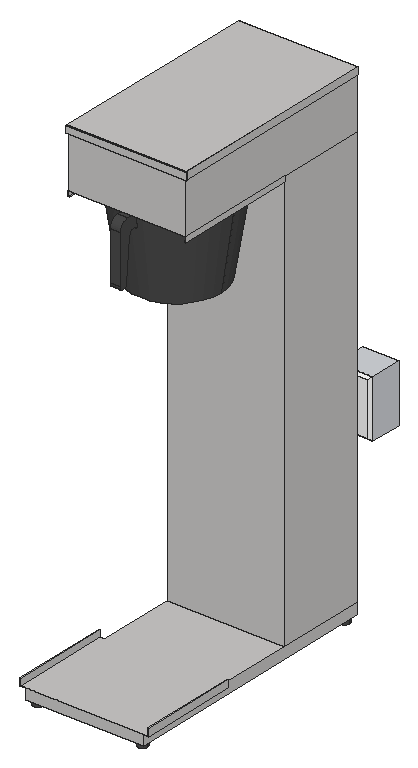
Revit family "305_TeaBrewer_WilburCurtis_TCTT-10000", category Specialty Equipment, Revit 2018
Family settings
  Round Connector Dimension = Use Diameter
  Part Type = Normal
  Work Plane-Based = No
  Always vertical = Yes
  Cut with Voids When Loaded = Yes
  Shared = Yes
  Room Calculation Point = No
Parameters (values of type "305")
  With Dipensers [instance] = yes
  Width = 9 1/8"  # constant formula
  Weight in Pounds = 43
  Watts = 165 W
  Elec from Back [instance] = 3"
  Volts = 120 V
  URL Cutsheet = ""
  URL = "www.strategicequipment.com"
  Type Comments = "QUICK DISCONNECT HOSES PROVIDED BY OWNER"
  Text3 = "1.65"  # constant formula
  Text2 = "13.8"
  TM Utilities = "12"
  Status = ""
  Stainless Finish = Stainless Steel, Polished
  Specification by Manufacturer = ""
  Serial Number = ""
  SMACNA No = ""
  Revision Code = ""
  Plumbing Remarks = "P-24 @ 60\" A.F.F."
  Plumbing Connection Type = "Water Inlet 1/4\" Flare"
  Plasitc Finish = Plastic Black
  Phase = 1
  Number of Poles = 1
  NAFEM Spec ID Number = ""
  Model = "TCTT10000"
  Masterspec = ""
  Manufacturer = "WILBUR CURTIS MODEL #TCTT10000"
  Item Number [instance] = ""
  Item CFA = "305"
  Installed By = ""
  Identify Quantity as Lot = yes
  Height AFF [instance] = 36"
  Height = 38 1/2"  # constant formula
  HP = ""
  Furnished By = ""
  Foodservice Equipment Identifier = yes
  Filtered Water Supply Size = 3/8"
  Filtered Water RI Height [instance] = 60"
  Filtered Water Flow = 0 GPM
  FW Placement [instance] = if(FW From Cen > 0", (Elec Outer + FW From Cen), (Elec Outer - abs(FW From Cen)))  # 12"
  FW From Cen [instance] = 0"
  FL Amps = 13.8 A
  Electrical Remarks [instance] = ""
  Electric Connection Type = "CORD AND PLUG"
  Elec Placement [instance] = if(Elec From Cen > 0", (Elec Outer + Elec From Cen), (Elec Outer - abs(Elec From Cen)))  # 14"
  Elec Outer [instance] = 12"  # constant formula
  Elec Conn RI Height [instance] = 49"
  Elec From Cen [instance] = 2"
  Description = "TEA BREWER"
  Depth = 20 3/4"  # constant formula
  Cycle = 60 Hz
  Conn Plug NEMA = "NEMA 5-20R"
  Conn Conduit = yes
  CSI MasterFormat = ""
  Assembly Code = "E1090320"
  Apparent Power = FL Amps * Volts  # 1656 VA
Reference planes (in)
  plane 1 "Center (Front/Back)": y = 0
  plane 2: z = 0
  plane 3 "Center (Left/Right)": x = 0
  plane 4 "Base Front": y = -10.375
  plane 5 "Back": y = 10.375
  plane 6 "Left": x = -4.5625
  plane 7 "Right": x = 4.5625
  plane 8 "Top Front": y = -6.25
  plane 9: z = 37.41245
  plane 10 "Top": z = 74.5
  plane 11 "left base": x = -5
  plane 12 "right base": x = 5
  plane 13 "Bottom of Brew Cone": z = 63.625
  plane 14: x = -4.0625
  plane 15: x = 4.0625
  plane 16: x = 4.0625
  plane 17: x = -4.0625
  plane 18: y = 3.375
  plane 19 "Face of Wall": y = 13.375
  plane 20 "Elec Placement": x = 2
  plane 21 "FW Placement": x = 0
  plane 22 "Elec Outer": x = -12
  plane 23 "Bottom": z = 36
  plane 24: z = 36.40625
Lines and regions (in)
  model lines, style "QF_Detail Lines"
    curve 1: line (-4.5625, 9.43046, 73.72385) -> (-4.5625, 6.68046, 73.72385)
    curve 2: line (-4.5625, 9.43046, 73.72385) -> (-4.5625, 9.58922, 73.44887)
    curve 3: line (-4.5625, 9.58922, 73.44887) -> (-4.5625, 6.52171, 73.44887)
    curve 4: line (-4.5625, 6.52171, 73.44887) -> (-4.5625, 6.68046, 73.72385)
    curve 5: line (-4.5625, 9.43046, 73.15429) -> (-4.5625, 6.68046, 73.15429)
    curve 6: line (-4.5625, 9.43046, 73.15429) -> (-4.5625, 9.58922, 72.87932)
    curve 7: line (-4.5625, 9.58922, 72.87932) -> (-4.5625, 6.52171, 72.87932)
    curve 8: line (-4.5625, 6.52171, 72.87932) -> (-4.5625, 6.68046, 73.15429)
    curve 9: line (-4.5625, 5.98586, 73.15429) -> (-4.5625, 3.23586, 73.15429)
    curve 10: line (-4.5625, 5.98586, 73.15429) -> (-4.5625, 6.14462, 72.87932)
    curve 11: line (-4.5625, 6.14462, 72.87932) -> (-4.5625, 3.0771, 72.87932)
    curve 12: line (-4.5625, 3.0771, 72.87932) -> (-4.5625, 3.23586, 73.15429)
    curve 13: line (-4.5625, 5.93046, 73.72385) -> (-4.5625, 3.18046, 73.72385)
    curve 14: line (-4.5625, 5.93046, 73.72385) -> (-4.5625, 6.08922, 73.44887)
    curve 15: line (-4.5625, 6.08922, 73.44887) -> (-4.5625, 3.02171, 73.44887)
    curve 16: line (-4.5625, 3.02171, 73.44887) -> (-4.5625, 3.18046, 73.72385)
    curve 17: line (4.5625, 9.43046, 73.72385) -> (4.5625, 6.68046, 73.72385)
    curve 18: line (4.5625, 9.43046, 73.72385) -> (4.5625, 9.58922, 73.44887)
    curve 19: line (4.5625, 9.58922, 73.44887) -> (4.5625, 6.52171, 73.44887)
    curve 20: line (4.5625, 6.52171, 73.44887) -> (4.5625, 6.68046, 73.72385)
    curve 21: line (4.5625, 9.43046, 73.15429) -> (4.5625, 6.68046, 73.15429)
    curve 22: line (4.5625, 9.43046, 73.15429) -> (4.5625, 9.58922, 72.87932)
    curve 23: line (4.5625, 9.58922, 72.87932) -> (4.5625, 6.52171, 72.87932)
    curve 24: line (4.5625, 6.52171, 72.87932) -> (4.5625, 6.68046, 73.15429)
    curve 25: line (4.5625, 5.98586, 73.15429) -> (4.5625, 3.23586, 73.15429)
    curve 26: line (4.5625, 5.98586, 73.15429) -> (4.5625, 6.14462, 72.87932)
    curve 27: line (4.5625, 6.14462, 72.87932) -> (4.5625, 3.0771, 72.87932)
    curve 28: line (4.5625, 3.0771, 72.87932) -> (4.5625, 3.23586, 73.15429)
    curve 29: line (4.5625, 5.93046, 73.72385) -> (4.5625, 3.18046, 73.72385)
    curve 30: line (4.5625, 5.93046, 73.72385) -> (4.5625, 6.08922, 73.44887)
    curve 31: line (4.5625, 6.08922, 73.44887) -> (4.5625, 3.02171, 73.44887)
    curve 32: line (4.5625, 3.02171, 73.44887) -> (4.5625, 3.18046, 73.72385)
Dimensions and locks (in)
  plane 13 "Bottom of Brew Cone" to plane 9 = 26.21255"
  "Depth": plane 4 "Base Front" to plane 5 "Back"
  plane 5 "Back" to plane 8 "Top Front" = 16 5/8"
  plane 9 to level = 37.41245"
  plane 10 "Top" to level = 74 1/2"
  "Elec from Back": plane 19 "Face of Wall" to plane 5 "Back"
  "Width": plane 6 "Left" to plane 7 "Right"
  equal spacing: plane 6 "Left", plane 3 "Center (Left/Right)", plane 7 "Right"
  "Height AFF": plane 23 "Bottom" to level
  locked: plane 24 to plane 23 "Bottom" at 0.40625
  plane 10 "Top" to plane 23 "Bottom" = 38 1/2"
  "Elec Outer": plane 3 "Center (Left/Right)" to plane 22 "Elec Outer"
  "Elec Placement": plane 22 "Elec Outer" to plane 20 "Elec Placement"
  "FW Placement": plane 22 "Elec Outer" to plane 21 "FW Placement"
  aligned and locked: level to plane 2
  aligned and locked: nested 1 to plane 20 "Elec Placement"
  aligned and locked: plane 19 "Face of Wall" to nested 1
  aligned and locked: plane 19 "Face of Wall" to nested 2  (x2)
  aligned and locked: nested 2 to plane 21 "FW Placement"
  aligned and locked: plane 3 "Center (Left/Right)" to nested 3
  aligned and locked: plane 5 "Back" to nested 3
  aligned and locked: plane 23 "Bottom" to nested 3
Automatic sketch dimensions
  curve 16 to curve 11 = 0.0554"
  curve 16 to curve 13 = 0.15876"
  curve 11 to curve 12 = 0.15876"
  curve 13 to curve 13 = 2 3/4"
  curve 13 to curve 10 = 0.0554"
  curve 9 to curve 15 = 0.10336"
  curve 9 to curve 11 = 0.15876"
  curve 10 to curve 7 = 0.37709"
  curve 14 to curve 3 = 0.43249"
  curve 7 to curve 8 = 0.15876"
  curve 3 to curve 4 = 0.15876"
  curve 6 to curve 1 = 0"
  curve 1 to curve 3 = 0.15876"
  curve 5 to curve 6 = 0.15876"
  curve 12 to curve 9 = 0.27497"
  curve 4 to curve 1 = 0.27497"
  plane 18 to curve 32 = 0.35329"
  curve 17 to plane 10 "Top" = 0.77615"
  plane 18 to curve 27 = 0.2979"
  plane 18 to curve 29 = 0.19454"
  plane 18 to curve 28 = 0.13914"
  curve 29 to plane 10 "Top" = 0.77615"
  curve 29 to plane 18 = 2.55546"
  curve 29 to curve 26 = 0.0554"
  curve 25 to curve 31 = 0.10336"
  curve 25 to curve 27 = 0.15876"
  curve 26 to curve 23 = 0.37709"
  curve 30 to curve 19 = 0.43249"
  curve 24 to plane 10 "Top" = 1.34571"
  curve 23 to curve 24 = 0.15876"
  curve 19 to curve 20 = 0.15876"
  curve 17 to curve 19 = 0.27497"
  curve 29 to curve 32 = 0.27497"
  curve 31 to curve 25 = 0.29458"
  curve 25 to curve 27 = 0.27497"
  curve 21 to curve 24 = 0.27497"
  curve 18 to plane 5 "Back" = 0.94454"
  curve 22 to curve 17 = 0"
  curve 17 to curve 19 = 0.15876"
  curve 21 to curve 22 = 0.15876"
  plane 18 to curve 16 = 0.35329"
  curve 2 to plane 5 "Back" = 0.94454"
  curve 8 to plane 10 "Top" = 1.62068"
  curve 12 to plane 10 "Top" = 1.62068"
  curve 7 to curve 5 = 0.27497"
  curve 9 to curve 16 = 0.29458"
  curve 5 to curve 4 = 0.29458"
  curve 15 to curve 13 = 0.27497"
Nested families (in)
  nested 1: "_CFA_EFX_26_ERI_Receptacle_Simplex_1" at (2.15568, 13.375, 0), Elec Conn RI Height <- "Elec Conn RI Height", Item CFA <- "Item CFA", type "ERI_P_Outlet-Simplex"
    with Side View no, Item CFA "305", Elec Conn RI Height 49"
  nested 2: "PRI_P_FW" at (0, 13.375, 0), Filtered Water RI Height <- "Filtered Water RI Height", Item CFA <- "Item CFA", type "PRI_P_FW"
    with Item CFA "305", Filtered Water RI Height 60"
  nested 3: "Nested_305_TeaBrewer_10000" at (0, 0, 0), type "305"
    with Item Number ""
Definition of nested family "_CFA_EFX_26_ERI_Receptacle_Simplex_1"
  Parameters (values of type "ERI_P_Outlet-Simplex")
    Width = 2 3/4"
    Thickness = 3/16"
    Side View [instance] = no
    Item CFA [instance] = ""
    Integer3 = 3
    Height = 4 1/2"
    Electrical Remarks [instance] = ""
    Elec Conn RI Height [instance] = 24"
  Reference planes (in)
    plane 1 "Center (Front/Back)": y = 0
    plane 2: z = 0
    plane 3 "Center (Left/Right)": x = -0.15568
    plane 4: z = 24
    plane 5 "Top": z = 26.25
    plane 6 "Left": x = -1.53068
    plane 7 "Bottom": z = 21.75
    plane 8 "Right": x = 1.21932
    plane 9 "Thickness": y = -0.1875
  Forms (in)
    Blend 1, solid
      base sketch origin (0, 0, 0) x (1, 0, 0) y (0, 0, 1)
        loop
          line (-1.53068, 26.25) -> (-1.53068, 21.75) -> (1.21932, 21.75) -> (1.21932, 26.25) -> (-1.53068, 26.25)
      top sketch origin (0, 0, 0) x (1, 0, 0) y (0, 0, 1)
        loop
          line (-1.34318, 26.0625) -> (-1.34318, 21.9375) -> (1.03182, 21.9375) -> (1.03182, 26.0625) -> (-1.34318, 26.0625)
      from 0 to 0.1875
  Lines and regions (in)
    symbolic lines
      curve 1: line (-0.15568, 0, 0) -> (-0.15568, -1.75, 0)
      curve 2: line (0.09432, -1.22391, 0) -> (-0.40568, -1.22391, 0)
      curve 3: line (-1.53068, 0, 0) -> (1.21932, 0, 0)
    model lines
      curve 4: line (-0.15568, 0, 0) -> (-0.15568, 0, 0.25)
  Dimensions and locks (in)
    "Elec Conn RI Height": plane 4 to level
    equal spacing: plane 8 "Right", plane 3 "Center (Left/Right)", plane 6 "Left"
    equal spacing: plane 5 "Top", plane 4, plane 7 "Bottom"
    "Width": plane 6 "Left" to plane 8 "Right"
    "Height": plane 5 "Top" to plane 7 "Bottom"
    "Thickness": plane 9 "Thickness" to plane 1 "Center (Front/Back)"
    "Thickness": Blend 1 sketch curve to plane 6 "Left"
    "Thickness": plane 5 "Top" to Blend 1 sketch curve
    "Thickness": Blend 1 sketch curve to plane 8 "Right"
    "Thickness": Blend 1 sketch curve to plane 7 "Bottom"
    aligned and locked: level to plane 2
    aligned and locked: plane 5 "Top" to Blend 1 sketch curve
    aligned and locked: plane 6 "Left" to Blend 1 sketch curve
    aligned and locked: plane 7 "Bottom" to Blend 1 sketch curve
    aligned and locked: plane 8 "Right" to Blend 1 sketch curve
    aligned and locked: Blend 1 to plane 1 "Center (Front/Back)"
    aligned and locked: Blend 1 to plane 9 "Thickness"
    aligned and locked: plane 3 "Center (Left/Right)" to nested 1
    aligned and locked: plane 4 to nested 1
    aligned and locked: nested 2 to plane 1 "Center (Front/Back)"
  Automatic sketch dimensions
    plane 1 "Center (Front/Back)" to curve 3 = 0"
    curve 3 to plane 6 "Left" = 0"
    curve 1 to plane 3 "Center (Left/Right)" = 0"
    curve 3 to plane 8 "Right" = 0"
    curve 2 to plane 3 "Center (Left/Right)" = 1/4"
    plane 3 "Center (Left/Right)" to curve 2 = 1/4"
    curve 2 to plane 9 "Thickness" = 1.03641"
    curve 1 to curve 2 = 0.52609"
    curve 4 to plane 3 "Center (Left/Right)" = 0"
    curve 4 to level = 0"
    level to curve 4 = 1/4"
  Nested families (in)
    nested 1: "Single sym" at (-0.15568, 0, 24) x (1, 0, 0) z (0, -1, 0), type "Single sym"
    nested 2: "Outlet Box" at (-0.15568, 1.25, 0), Elec Conn RI Height <- "Elec Conn RI Height", Height <- "Height", Width <- "Width", Side View <- "Side View", type "Outlet Box"
      with Width 2 3/4", Side View no, Height 4 1/2", Elec Conn RI Height 24"
  Definition of nested family "Outlet Box"
    Parameters (values of type "Outlet Box")
      Width [instance] = 2 3/4"
      Side View [instance] = no
      Height [instance] = 4 1/2"
      Elec Conn RI Height [instance] = 24"
      Depth = 2 1/2"
    Reference planes (in)
      plane 1 "Center (Front/Back)": y = 0
      plane 2: z = 0
      plane 3 "Center (Left/Right)": x = 0
      plane 4 "Back": y = 1.25
      plane 5 "Left": x = -1.375
      plane 6 "Front": y = -1.25
      plane 7 "Right": x = 1.375
      plane 8 "Bottom": z = 21.75
      plane 9 "Top": z = 26.25
      plane 10 "Mid": z = 24
    Forms (in)
      Extrusion 1, solid
        sketch origin (0, 0, 0) x (1, 0, 0) y (0, 1, 0)
          loop
            line (-1.375, 1.25) -> (-1.375, -1.25) -> (1.375, -1.25) -> (1.375, 1.25) -> (-1.375, 1.25)
        from 21.75 to 26.25
    Lines and regions (in)
      model lines
        curve 1: line (0, 0, 0) -> (0, 0, 0.25)
      symbolic lines, visible <- "Side View"
        curve 2: line (0, -1.25, 26.25) -> (0, 1.25, 26.25)
        curve 3: line (0, -1.25, 21.75) -> (0, -1.25, 26.25)
        curve 4: line (0, 1.25, 21.75) -> (0, -1.25, 21.75)
        curve 5: line (0, 1.25, 26.25) -> (0, 1.25, 21.75)
    Dimensions and locks (in)
      equal spacing: plane 6 "Front", plane 1 "Center (Front/Back)", plane 4 "Back"
      equal spacing: plane 5 "Left", plane 3 "Center (Left/Right)", plane 7 "Right"
      "Width": plane 5 "Left" to plane 7 "Right"
      "Depth": plane 6 "Front" to plane 4 "Back"
      equal spacing: plane 9 "Top", plane 10 "Mid", plane 8 "Bottom"
      "Height": plane 9 "Top" to plane 8 "Bottom"
      "Elec Conn RI Height": plane 10 "Mid" to plane 2
      aligned and locked: level to plane 2
      aligned and locked: plane 4 "Back" to Extrusion 1 sketch curve
      aligned and locked: plane 5 "Left" to Extrusion 1 sketch curve
      aligned and locked: plane 6 "Front" to Extrusion 1 sketch curve
      aligned and locked: plane 7 "Right" to Extrusion 1 sketch curve
      aligned and locked: Extrusion 1 to plane 9 "Top"
      aligned and locked: curve 2 to Extrusion 1
      aligned and locked: curve 3 to Extrusion 1
      aligned and locked: curve 4 to Extrusion 1
      aligned and locked: curve 5 to Extrusion 1
      aligned and locked: plane 10 "Mid" to nested 1
      aligned and locked: nested 1 to plane 1 "Center (Front/Back)"
      aligned and locked: Extrusion 1 to plane 8 "Bottom"
      aligned and locked: plane 9 "Top" to Extrusion 1
      aligned and locked: plane 8 "Bottom" to Extrusion 1
      aligned and locked: Extrusion 1 to plane 5 "Left"
      aligned and locked: Extrusion 1 to plane 7 "Right"
    Automatic sketch dimensions
      curve 1 to plane 3 "Center (Left/Right)" = 0"
      curve 1 to level = 0"
      level to curve 1 = 1/4"
    Nested families (in)
      nested 1: "Arrow" at (0, -1.3083, 24) x (0, 0, -1) z (1, 0, 0), visible <- "Side View", type "Arrow"
    Definition of nested family "Arrow"
      Reference planes (in)
        plane 1 "Center (Front/Back)": y = 0
        plane 2: z = 0
        plane 3 "Center (Left/Right)": x = 0
        plane 4: y = 2.5
      Lines and regions (in)
        Filled region 1, type "Solid Fill - Black", in view "Ref. Level"
          outline origin (0, 2.60355, 0) x (0, -1, 0) y (1, 0, 0)
            loop
              line (2.375, 0) -> (1.29525, 0.393) -> (1.29525, 0.0805) -> (0.29525, 0.0805) -> (0.29525, -0.0805) -> (1.29525, -0.0805) -> (1.29525, -0.393) -> (2.375, 0)
      Dimensions and locks (in)
        plane 1 "Center (Front/Back)" to plane 4 = 2 1/2"
  Definition of nested family "Single sym"
    Parameters (values of type "Single sym")
      Width = 2 3/4"
      Height = 4 1/2"
    Reference planes (in)
      plane 1 "Center (Front/Back)": y = 0
      plane 2: z = 0
      plane 3 "Center (Left/Right)": x = 0
      plane 4: x = -1.375
      plane 5: x = 1.375
      plane 6: y = 2.25
      plane 7: y = -2.25
      plane 8: y = 1.125
      plane 9: y = -1.125
    Lines and regions (in)
      Masking region 1, in view "Ref. Level"
        outline origin (0, 0, 0) x (1, 0, 0) y (0, 1, 0)
          loop
            line (-1.375, 2.25) -> (-1.375, -2.25) -> (1.375, -2.25) -> (1.375, 2.25) -> (-1.375, 2.25)
      detail lines, in view "Ref. Level"
        curve 1: circle (0, 0, 0) r 0.75 normal (0, 0, 1)
    Dimensions and locks (in)
      equal spacing: plane 4, plane 3 "Center (Left/Right)", plane 5
      equal spacing: plane 6, plane 1 "Center (Front/Back)", plane 7
      "Width": plane 4 to plane 5
      "Height": plane 6 to plane 7
      equal spacing: plane 6, plane 8, plane 1 "Center (Front/Back)"
      equal spacing: plane 7, plane 9, plane 1 "Center (Front/Back)"
      aligned and locked: Masking region 1 sketch curve to plane 6
      aligned and locked: plane 4 to Masking region 1 sketch curve
      aligned and locked: Masking region 1 sketch curve to plane 5
      aligned and locked: plane 7 to Masking region 1 sketch curve
    Automatic sketch dimensions
      curve 1 to plane 3 "Center (Left/Right)" = 0"
      curve 1 to plane 8 = 1 1/8"
      radius of curve 1 = 3/4"
Definition of nested family "PRI_P_FW"
  Parameters (values of type "PRI_P_FW")
    Rad = 1 1/2"
    Item CFA [instance] = ""
    Integer3 = 3
    Filtered Water RI Height [instance] = 118"
  Reference planes (in)
    plane 1 "Center (Front/Back)": y = 0
    plane 2: z = 0
    plane 3 "Center (Left/Right)": x = 0
    plane 4 "Cen": z = 118
    plane 5 "Front": y = -0.1875
  Forms (in)
    Extrusion 1, solid
      sketch origin (0, 0, 0) x (1, 0, 0) y (0, 0, 1)
        loop
          circle (0, 118) r 1.5
      from 0 to 0.1875
  Lines and regions (in)
    symbolic lines
      curve 1: line (0, 0, 0) -> (0, -1.66814, 0)
      curve 2: line (-1.375, 0, 0) -> (1.375, 0, 0)
      curve 3: circle (0, -1.16814, 0) r 0.5 normal (0, 0, 1)
    model lines
      curve 4: line (0, 0, 0) -> (0, 0, 1)
  Dimensions and locks (in)
    "Filtered Water RI Height": plane 4 "Cen" to level
    plane 5 "Front" to plane 1 "Center (Front/Back)" = 3/16"
    "Rad": radius of Extrusion 1 sketch curve
    aligned and locked: level to plane 2
    aligned and locked: plane 3 "Center (Left/Right)" to nested 1
    aligned and locked: plane 4 "Cen" to nested 1
  Automatic sketch dimensions
    plane 1 "Center (Front/Back)" to curve 2 = 0"
    curve 1 to plane 3 "Center (Left/Right)" = 0"
    curve 3 to plane 3 "Center (Left/Right)" = 0"
    plane 5 "Front" to curve 3 = 0.98064"
    curve 2 to curve 1 = 1 3/8"
    plane 3 "Center (Left/Right)" to curve 2 = 1 3/8"
    curve 1 to curve 3 = 1/2"
    curve 4 to plane 3 "Center (Left/Right)" = 0"
    curve 4 to level = 0"
    curve 4 to curve 4 = 1"
    Extrusion 1 sketch curve to plane 3 "Center (Left/Right)" = 0"
    Extrusion 1 sketch curve to plane 4 "Cen" = 0"
  Nested families (in)
    nested 1: "Plumbing Connection - Filtered_water sym" at (0, 0, 118) x (1, 0, 0) z (0, -1, 0), type "Plumbing Connection - Filtered_water sym"
  Definition of nested family "Plumbing Connection - Filtered_water sym"
    Parameters (values of type "Plumbing Connection - Filtered_water sym")
      Width = 5"
    Reference planes (in)
      plane 1 "Center (Front/Back)": y = 0
      plane 2: z = 0
      plane 3 "Center (Left/Right)": x = 0
      plane 4: x = -2.5
      plane 5: y = -2.5
      plane 6: x = 2.5
      plane 7: y = 2.5
    Lines and regions (in)
      detail lines, in view "Ref. Level"
        curve 1: circle (0, 0, 0) r 1.5 normal (0, 0, 1)
        curve 2: line (-2.5, 0, 0) -> (2.5, 0, 0)
        curve 3: line (0, 2.5, 0) -> (0, -2.5, 0)
    Dimensions and locks (in)
      equal spacing: plane 7, plane 1 "Center (Front/Back)", plane 5
      equal spacing: plane 4, plane 3 "Center (Left/Right)", plane 6
      "Width": plane 4 to plane 6
      "Width": plane 7 to plane 5
      aligned and locked: plane 4 to curve 2
      aligned and locked: plane 6 to curve 2
      aligned and locked: plane 7 to curve 3
      aligned and locked: plane 5 to curve 3
      aligned and locked: plane 1 "Center (Front/Back)" to curve 2
      aligned and locked: curve 3 to plane 3 "Center (Left/Right)"
      aligned and locked: plane 3 "Center (Left/Right)" to nested 1
      aligned and locked: plane 1 "Center (Front/Back)" to nested 1
    Automatic sketch dimensions
      plane 1 "Center (Front/Back)" to curve 1 = 0"
      curve 1 to plane 3 "Center (Left/Right)" = 0"
      radius of curve 1 = 1 1/2"
    Nested families (in)
      nested 1: "Plumb Quarter" at (0, 0, 0), type "Plumb Quarter", in view "Ref. Level"
    Definition of nested family "Plumb Quarter"
      Reference planes (in)
        plane 1 "Center (Front/Back)": y = 0
        plane 2: z = 0
        plane 3 "Center (Left/Right)": x = 0
      Lines and regions (in)
        Filled region 1, type "Solid Fill - Black", in view "Ref. Level"
          outline origin (0, 0, 0) x (1, 0, 0) y (0, 1, 0)
            loop
              arc (1.5, 0) -> (1.06066, 1.06066) -> (0, 1.5) r 1.5
              line (0, 1.5) -> (0, 0) -> (1.5, 0)
        detail lines, in view "Ref. Level"
          curve 1: line (0, 0.15579, 0) -> (1.49189, 0.15579, 0)
          curve 2: line (0, 0.34289, 0) -> (1.46028, 0.34289, 0)
          curve 3: line (0, 0.53448, 0) -> (1.40155, 0.53448, 0)
          curve 4: line (0, 0.71127, 0) -> (1.32064, 0.71127, 0)
          curve 5: line (0, 0.91071, 0) -> (1.19189, 0.91071, 0)
          curve 6: line (0, 1.06819, 0) -> (1.05308, 1.06819, 0)
          curve 7: line (0, 1.25598, 0) -> (0.82006, 1.25598, 0)
          curve 8: line (0, 1.41422, 0) -> (0.49999, 1.41422, 0)
Definition of nested family "Nested_305_TeaBrewer_10000"
  Parameters (values of type "305")
    Weight in Pounds = 43
    URL Cutsheet = ""
    URL = ""
    Type Comments = ""
    Specification by Manufacturer = ""
    Serial Number = ""
    SMACNA No = ""
    Revision Code = ""
    NAFEM Spec ID Number = ""
    Model = ""
    Masterspec = ""
    Manufacturer = ""
    Item Number [instance] = ""
    Item CFA = ""
    Installed By = ""
    Furnished By = ""
    Description = ""
    CSI MasterFormat = ""
    Assembly Code = "E1090320"
  Reference planes (in)
    plane 1 "Center (Front/Back)": y = 0
    plane 2: z = 0
    plane 3 "Center (Left/Right)": x = 0
    plane 4 "Base Front": y = -10.375
    plane 5 "Back": y = 10.375
    plane 6 "Left": x = -4.5625
    plane 7 "Right": x = 4.5625
    plane 8 "Top Front": y = -6.25
    plane 9: z = 37.41245
    plane 10 "Top": z = 74.5
    plane 11 "left base": x = -5
    plane 12 "right base": x = 5
    plane 13 "Bottom of Brew Cone": z = 63.625
    plane 14: x = -4.0625
    plane 15: x = 4.0625
    plane 16: x = 4.0625
    plane 17: x = -4.0625
    plane 18: y = 3.375
    plane 19 "Face of Wall": y = 13.375
    plane 20 "Elec Placement": x = 2
    plane 21 "FW Placement": x = 0
    plane 22 "Elec Outer": x = -12
    plane 23 "Bottom": z = 36
    plane 24: z = 36.40625
  Forms (in)
    Extrusion 1, solid
      sketch origin (0, 0, 0) x (0, 1, 0) y (0, 0, 1)
        loop
          line (10.375, 37.25) -> (-10.375, 37.25) -> (-10.375, 36.40625) -> (10.375, 36.40625) -> (10.375, 37.25)
      from -4.5625 to 4.5625
    Extrusion 2, solid
      sketch origin (0, 0, 0) x (1, 0, 0) y (0, 1, 0)
        loop
          circle (-4.0625, 9.80283) r 0.37581
        loop
          circle (4.0625, 9.80283) r 0.37581
        loop
          circle (4.0625, -9.80283) r 0.37581
        loop
          circle (-4.0625, -9.80283) r 0.37581
      from 36 to 36.40625
    Extrusion 3, solid
      sketch origin (0, 0, 0) x (1, 0, 0) y (0, 0, 1)
        loop
          line (-4.5625, 37.25) -> (-4.9375, 37.25) -> (-4.9375, 37.75) -> (-5, 37.75) -> (-5, 37.1875) -> (-4.5625, 37.1875) -> (-4.5625, 37.25)
      from 2.71664 to 10.375
    Extrusion 4, solid
      sketch origin (0, 0, 0) x (-1, 0, 0) y (0, 0, -1)
        loop
          line (-4.5625, -37.25) -> (-4.5625, -37.1875) -> (-5, -37.1875) -> (-5, -37.75) -> (-4.9375, -37.75) -> (-4.9375, -37.25) -> (-4.5625, -37.25)
      from 2.71664 to 10.375
    Extrusion 5, solid
      sketch origin (0, 0, 0) x (0, 1, 0) y (0, 0, 1)
        loop
          line (10.375, 37.25) -> (10.375, 70) -> (3.375, 70) -> (3.375, 37.25) -> (10.375, 37.25)
      from -4.5625 to 4.5625
    Extrusion 6, solid
      sketch origin (0, 0, 0) x (0, 1, 0) y (0, 0, 1)
        loop
          line (10.375, 70) -> (10.375, 74.5) -> (-6.25, 74.5) -> (-6.25, 70) -> (10.375, 70)
      from -4.5625 to 4.5625
    Blend 7, solid
      base sketch origin (0, -0.67224, 0) x (1, 0, 0) y (0, 1, 0)
        loop
          circle (0, -0.78812) r 3.5
      top sketch origin (0, -0.67224, 0) x (1, 0, 0) y (0, 1, 0)
        loop
          circle (0, -0.78812) r 4.5
      from 63.625 to 70
    Extrusion 8, solid
      sketch origin (0, 0, 0) x (0, 1, 0) y (0, 0, 1)
        loop
          arc (-6.52894, 68.69982) -> (-6.21526, 69.09996) -> (-5.75179, 68.89091) r 0.41207
          line (-5.75179, 68.89091) -> (-5.96036, 70) -> (-6.62644, 70)
          arc (-6.62644, 70) -> (-7.15286, 69.81006) -> (-7.375, 69.2964) r 0.70495
          line (-7.375, 69.2964) -> (-7.375, 65.5464)
          arc (-7.375, 65.5464) -> (-7.16322, 65.24095) -> (-6.86866, 65.46762) r 0.25653
          line (-6.86866, 65.46762) -> (-6.52894, 68.69982)
      from -0.39834 to 0.3898
    Extrusion 9, solid
      sketch origin (0, 0, 0) x (1, 0, 0) y (0, 0, 1)
        loop
          line (-4.57424, 70) -> (-4.57424, 69.61248) -> (-4.44699, 69.61248) -> (-4.44699, 69.65881) -> (-4.53361, 69.65881) -> (-4.53361, 70) -> (-4.57424, 70)
      from -3.375 to 6.25
    Extrusion 10, solid
      sketch origin (0, 0, 0) x (1, 0, 0) y (0, 0, 1)
        loop
          line (-4.5625, 74) -> (-4.5625, 74.45433) -> (4.5625, 74.45433) -> (4.5625, 74) -> (4.64823, 74) -> (4.64823, 74.53632) -> (-4.64823, 74.53632) -> (-4.64823, 74) -> (-4.5625, 74)
      from -10.375 to 6.25
    Extrusion 11, solid
      sketch origin (0, 0, 0) x (1, 0, 0) y (0, 1, 0)
        loop
          line (-4.68007, -6.25) -> (-4.68007, -6.32104) -> (4.67025, -6.32104) -> (4.67025, -6.25) -> (-4.68007, -6.25)
      from 74 to 74.5
    Extrusion 12, solid
      sketch origin (0, 0, 0) x (-1, 0, 0) y (0, 0, -1)
        loop
          line (-4.57424, -70) -> (-4.53361, -70) -> (-4.53361, -69.65881) -> (-4.44699, -69.65881) -> (-4.44699, -69.61248) -> (-4.57424, -69.61248) -> (-4.57424, -70)
      from -3.375 to 6.25
    Extrusion 13, solid
      sketch origin (0, 0, 0) x (1, 0, 0) y (0, 0, 1)
        loop
          line (0, 46.33116) -> (-1, 46.33116) -> (-1, 45.58116) -> (0, 45.58116) -> (0, 46.33116)
      from -10.44211 to -10.375
  Cuts and joins
    joined: Extrusion 1, Extrusion 3, Extrusion 4
    joined: Blend 7, Extrusion 8
  Lines and regions (in)
    Split face 1
      outline origin (0, -6.25, 70) x (0, 0, 1) y (-1, 0, 0)
        loop
          line (2.84845, 2.40317) -> (2.23605, 2.40317) -> (2.23605, -0.28791) -> (2.84845, -0.28791) -> (2.84845, 2.40317)
    Split face 2
      outline origin (0, -6.25, 70) x (0, 0, 1) y (-1, 0, 0)
        loop
          spline (1.2353, 3.5062) -> (1.20294, 3.49768) -> (1.1728, 3.4727) -> (1.14691, 3.43297) -> (1.12704, 3.3812) -> (1.11456, 3.3209) -> (1.1103, 3.2562) -> (1.11456, 3.19149) -> (1.12704, 3.1312) -> (1.14691, 3.07942) -> (1.1728, 3.03969) -> (1.20294, 3.01471) -> (1.2353, 3.0062)
          spline (1.2353, 3.0062) -> (1.26765, 3.01471) -> (1.2978, 3.03969) -> (1.32368, 3.07942) -> (1.34355, 3.1312) -> (1.35604, 3.19149) -> (1.3603, 3.2562) -> (1.35604, 3.3209) -> (1.34355, 3.3812) -> (1.32368, 3.43297) -> (1.2978, 3.4727) -> (1.26765, 3.49768) -> (1.2353, 3.5062)
    Split face 3
      outline origin (0, -6.25, 70) x (0, 0, 1) y (-1, 0, 0)
        loop
          spline (1.2353, 2.5625) -> (1.20294, 2.55398) -> (1.1728, 2.52901) -> (1.14691, 2.48928) -> (1.12704, 2.4375) -> (1.11456, 2.3772) -> (1.1103, 2.3125) -> (1.11456, 2.2478) -> (1.12704, 2.1875) -> (1.14691, 2.13572) -> (1.1728, 2.09599) -> (1.20294, 2.07102) -> (1.2353, 2.0625)
          spline (1.2353, 2.0625) -> (1.26765, 2.07102) -> (1.2978, 2.09599) -> (1.32368, 2.13572) -> (1.34355, 2.1875) -> (1.35604, 2.2478) -> (1.3603, 2.3125) -> (1.35604, 2.3772) -> (1.34355, 2.4375) -> (1.32368, 2.48928) -> (1.2978, 2.52901) -> (1.26765, 2.55398) -> (1.2353, 2.5625)
    Split face 4
      outline origin (0.11417, -6.25, 70.01115) x (0, 0, 1) y (-1, 0, 0)
        loop
          spline (1.2353, 1.61785) -> (1.203, 1.60933) -> (1.17291, 1.58436) -> (1.14707, 1.54463) -> (1.12725, 1.49285) -> (1.11478, 1.43256) -> (1.11053, 1.36785) -> (1.11478, 1.30315) -> (1.12725, 1.24285) -> (1.14707, 1.19107) -> (1.17291, 1.15134) -> (1.203, 1.12637) -> (1.2353, 1.11785)
          spline (1.2353, 1.11785) -> (1.26759, 1.12637) -> (1.29768, 1.15134) -> (1.32352, 1.19107) -> (1.34335, 1.24285) -> (1.35581, 1.30315) -> (1.36006, 1.36785) -> (1.35581, 1.43256) -> (1.34335, 1.49285) -> (1.32352, 1.54463) -> (1.29768, 1.58436) -> (1.26759, 1.60933) -> (1.2353, 1.61785)
    Split face 5
      outline origin (0, -6.25, 70) x (0, 0, 1) y (-1, 0, 0)
        loop
          spline (1.2353, 0.60561) -> (1.20294, 0.59709) -> (1.1728, 0.57211) -> (1.14691, 0.53238) -> (1.12704, 0.48061) -> (1.11456, 0.42031) -> (1.1103, 0.35561) -> (1.11456, 0.2909) -> (1.12704, 0.23061) -> (1.14691, 0.17883) -> (1.1728, 0.1391) -> (1.20294, 0.11413) -> (1.2353, 0.10561)
          spline (1.2353, 0.10561) -> (1.26765, 0.11413) -> (1.2978, 0.1391) -> (1.32368, 0.17883) -> (1.34355, 0.23061) -> (1.35604, 0.2909) -> (1.3603, 0.35561) -> (1.35604, 0.42031) -> (1.34355, 0.48061) -> (1.32368, 0.53238) -> (1.2978, 0.57211) -> (1.26765, 0.59709) -> (1.2353, 0.60561)
    Split face 6
      outline origin (0, -6.25, 70) x (0, 0, 1) y (-1, 0, 0)
        loop
          line (0.10011, 4.48869) -> (0.10011, -4.46865) -> (3.93851, -4.46865) -> (3.93851, 4.48869) -> (0.10011, 4.48869)
    model lines
      curve 1: line (-4.5625, 9.43046, 73.72385) -> (-4.5625, 6.68046, 73.72385)
      curve 2: line (-4.5625, 9.43046, 73.72385) -> (-4.5625, 9.58922, 73.44887)
      curve 3: line (-4.5625, 9.58922, 73.44887) -> (-4.5625, 6.52171, 73.44887)
      curve 4: line (-4.5625, 6.52171, 73.44887) -> (-4.5625, 6.68046, 73.72385)
      curve 5: line (-4.5625, 9.43046, 73.15429) -> (-4.5625, 6.68046, 73.15429)
      curve 6: line (-4.5625, 9.43046, 73.15429) -> (-4.5625, 9.58922, 72.87932)
      curve 7: line (-4.5625, 9.58922, 72.87932) -> (-4.5625, 6.52171, 72.87932)
      curve 8: line (-4.5625, 6.52171, 72.87932) -> (-4.5625, 6.68046, 73.15429)
      curve 9: line (-4.5625, 5.98586, 73.15429) -> (-4.5625, 3.23586, 73.15429)
      curve 10: line (-4.5625, 5.98586, 73.15429) -> (-4.5625, 6.14462, 72.87932)
      curve 11: line (-4.5625, 6.14462, 72.87932) -> (-4.5625, 3.0771, 72.87932)
      curve 12: line (-4.5625, 3.0771, 72.87932) -> (-4.5625, 3.23586, 73.15429)
      curve 13: line (-4.5625, 5.93046, 73.72385) -> (-4.5625, 3.18046, 73.72385)
      curve 14: line (-4.5625, 5.93046, 73.72385) -> (-4.5625, 6.08922, 73.44887)
      curve 15: line (-4.5625, 6.08922, 73.44887) -> (-4.5625, 3.02171, 73.44887)
      curve 16: line (-4.5625, 3.02171, 73.44887) -> (-4.5625, 3.18046, 73.72385)
      curve 17: line (4.5625, 9.43046, 73.72385) -> (4.5625, 6.68046, 73.72385)
      curve 18: line (4.5625, 9.43046, 73.72385) -> (4.5625, 9.58922, 73.44887)
      curve 19: line (4.5625, 9.58922, 73.44887) -> (4.5625, 6.52171, 73.44887)
      curve 20: line (4.5625, 6.52171, 73.44887) -> (4.5625, 6.68046, 73.72385)
      curve 21: line (4.5625, 9.43046, 73.15429) -> (4.5625, 6.68046, 73.15429)
      curve 22: line (4.5625, 9.43046, 73.15429) -> (4.5625, 9.58922, 72.87932)
      curve 23: line (4.5625, 9.58922, 72.87932) -> (4.5625, 6.52171, 72.87932)
      curve 24: line (4.5625, 6.52171, 72.87932) -> (4.5625, 6.68046, 73.15429)
      curve 25: line (4.5625, 5.98586, 73.15429) -> (4.5625, 3.23586, 73.15429)
      curve 26: line (4.5625, 5.98586, 73.15429) -> (4.5625, 6.14462, 72.87932)
      curve 27: line (4.5625, 6.14462, 72.87932) -> (4.5625, 3.0771, 72.87932)
      curve 28: line (4.5625, 3.0771, 72.87932) -> (4.5625, 3.23586, 73.15429)
      curve 29: line (4.5625, 5.93046, 73.72385) -> (4.5625, 3.18046, 73.72385)
      curve 30: line (4.5625, 5.93046, 73.72385) -> (4.5625, 6.08922, 73.44887)
      curve 31: line (4.5625, 6.08922, 73.44887) -> (4.5625, 3.02171, 73.44887)
      curve 32: line (4.5625, 3.02171, 73.44887) -> (4.5625, 3.18046, 73.72385)
      curve 33: line (0, 10.375, 0) -> (0, 10.375, 0.5)
  Dimensions and locks (in)
    cut or joined group of Extrusion 1, Extrusion 3, Extrusion 4 to Extrusion 5 = 13 3/4"
    plane 13 "Bottom of Brew Cone" to plane 9 = 26.21255"
    locked: plane 4 "Base Front" to plane 5 "Back" at 20.75
    plane 5 "Back" to plane 8 "Top Front" = 16 5/8"
    plane 9 to level = 37.41245"
    plane 10 "Top" to level = 74 1/2"
    plane 19 "Face of Wall" to plane 5 "Back" = 3"
    locked: plane 6 "Left" to plane 7 "Right" at 9.125
    equal spacing: plane 6 "Left", plane 3 "Center (Left/Right)", plane 7 "Right"
    plane 23 "Bottom" to level = 36"
    locked: plane 24 to plane 23 "Bottom" at 0.40625
    plane 10 "Top" to plane 23 "Bottom" = 38 1/2"
    locked: plane 3 "Center (Left/Right)" to plane 22 "Elec Outer" at 12
    locked: plane 22 "Elec Outer" to plane 20 "Elec Placement" at 14
    locked: plane 22 "Elec Outer" to plane 21 "FW Placement" at 12
    locked: Extrusion 13 to plane 5 "Back" at 0.06711
    aligned and locked: level to plane 2
    aligned and locked: plane 6 "Left" to Extrusion 1
    aligned and locked: plane 7 "Right" to Extrusion 1
    aligned and locked: Extrusion 2 to Extrusion 1
    aligned and locked: plane 4 "Base Front" to Extrusion 3
    aligned and locked: plane 4 "Base Front" to Extrusion 4
    aligned and locked: Extrusion 4 to Extrusion 3
    aligned and locked: plane 6 "Left" to Extrusion 5
    aligned and locked: plane 7 "Right" to Extrusion 5
    aligned and locked: Extrusion 5 to Extrusion 6
    aligned and locked: plane 6 "Left" to Extrusion 6
    aligned and locked: plane 7 "Right" to Extrusion 6
    aligned and locked: Extrusion 9 to Extrusion 5
    aligned and locked: plane 5 "Back" to Extrusion 10
    aligned and locked: Extrusion 10 to plane 8 "Top Front"
    aligned and locked: Extrusion 11 to Extrusion 10
    aligned and locked: plane 24 to cut or joined group of Extrusion 1, Extrusion 3, Extrusion 4
    aligned and locked: cut or joined group of Blend 7, Extrusion 8 to plane 13 "Bottom of Brew Cone"
    aligned and locked: Extrusion 13 to plane 5 "Back"
  Automatic sketch dimensions
    Extrusion 1 sketch curve to plane 4 "Base Front" = 0"
    Extrusion 1 sketch curve to plane 5 "Back" = 0"
    level to Extrusion 1 sketch curve = 36 13/32"
    Extrusion 1 sketch curve to plane 9 = 0.16245"
    Extrusion 2 sketch curve to plane 14 = 0"  (x2)
    Extrusion 2 sketch curve to plane 15 = 0"  (x2)
    Extrusion 3 sketch curve to plane 11 "left base" = 0"
    plane 6 "Left" to Extrusion 3 sketch curve = 0"
    Extrusion 3 sketch curve to plane 9 = 0.22495"
    plane 11 "left base" to Extrusion 3 sketch curve = 1/16"
    Extrusion 3 sketch curve to Extrusion 3 sketch curve = 1/16"
    plane 9 to Extrusion 3 sketch curve = 0.33755"
    plane 12 "right base" to Extrusion 4 sketch curve = 0"
    Extrusion 4 sketch curve to plane 7 "Right" = 0"
    plane 9 to Extrusion 4 sketch curve = 0.22495"
    Extrusion 4 sketch curve to plane 12 "right base" = 1/16"
    Extrusion 4 sketch curve to Extrusion 4 sketch curve = 1/16"
    Extrusion 4 sketch curve to plane 9 = 0.33755"
    Extrusion 5 sketch curve to plane 18 = 0"
    Extrusion 5 sketch curve to plane 5 "Back" = 0"
    Extrusion 5 sketch curve to plane 9 = 0.16245"
    Extrusion 5 sketch curve to plane 10 "Top" = 4 1/2"
    Extrusion 6 sketch curve to plane 8 "Top Front" = 0"
    Extrusion 6 sketch curve to plane 5 "Back" = 0"
    Extrusion 6 sketch curve to plane 10 "Top" = 0"
    Extrusion 6 sketch curve to plane 10 "Top" = 4 1/2"
    Blend 7 sketch curve to plane 3 "Center (Left/Right)" = 0"  (x2)
    plane 1 "Center (Front/Back)" to Blend 7 sketch curve = 1.46036"  (x2)
    Extrusion 8 sketch curve to plane 8 "Top Front" = 1 1/8"
    Extrusion 8 sketch curve to plane 8 "Top Front" = 0.61866"
    plane 13 "Bottom of Brew Cone" to Extrusion 8 sketch curve = 1.84262"
    Extrusion 8 sketch curve to plane 8 "Top Front" = 0.37644"
    Extrusion 8 sketch curve to plane 8 "Top Front" = 0.27894"
    plane 8 "Top Front" to Extrusion 8 sketch curve = 0.28964"
    plane 8 "Top Front" to Extrusion 8 sketch curve = 0.49821"
    Extrusion 8 sketch curve to Extrusion 8 sketch curve = 0.25513"
    Extrusion 8 sketch curve to plane 8 "Top Front" = 0.42005"
    plane 8 "Top Front" to Extrusion 8 sketch curve = 0.13313"
    Extrusion 8 sketch curve to Extrusion 8 sketch curve = 0.07877"
    Extrusion 8 sketch curve to Extrusion 8 sketch curve = 3.2322"
    Extrusion 8 sketch curve to Extrusion 8 sketch curve = 0.59658"
    Extrusion 6 to curve 16 = 1.05113"
    Extrusion 6 to curve 16 = 7.35329"
    Extrusion 6 to curve 8 = 1.62068"
    curve 16 to curve 11 = 0.0554"
    curve 16 to curve 13 = 0.15876"
    Extrusion 6 to curve 12 = 1.34571"
    curve 11 to curve 12 = 0.15876"
    Extrusion 6 to curve 13 = 0.77615"
    curve 13 to curve 13 = 2 3/4"
    curve 13 to curve 10 = 0.0554"
    curve 9 to curve 15 = 0.10336"
    curve 9 to curve 11 = 0.15876"
    curve 10 to curve 7 = 0.37709"
    curve 14 to curve 3 = 0.43249"
    Extrusion 6 to curve 8 = 1.34571"
    curve 7 to curve 8 = 0.15876"
    Extrusion 6 to curve 4 = 0.77615"
    curve 3 to curve 4 = 0.15876"
    Extrusion 6 to curve 2 = 0.94454"
    curve 6 to curve 1 = 0"
    curve 1 to curve 3 = 0.15876"
    curve 5 to curve 6 = 0.15876"
    curve 12 to curve 9 = 0.27497"
    curve 4 to curve 1 = 0.27497"
    plane 18 to curve 32 = 0.35329"
    curve 17 to plane 10 "Top" = 0.77615"
    plane 18 to curve 27 = 0.2979"
    plane 18 to curve 29 = 0.19454"
    plane 18 to curve 28 = 0.13914"
    curve 29 to plane 10 "Top" = 0.77615"
    curve 29 to plane 18 = 2.55546"
    curve 29 to curve 26 = 0.0554"
    curve 25 to curve 31 = 0.10336"
    curve 25 to curve 27 = 0.15876"
    curve 26 to curve 23 = 0.37709"
    curve 30 to curve 19 = 0.43249"
    curve 24 to plane 10 "Top" = 1.34571"
    curve 23 to curve 24 = 0.15876"
    curve 19 to curve 20 = 0.15876"
    curve 17 to curve 19 = 0.27497"
    curve 29 to curve 32 = 0.27497"
    curve 31 to curve 25 = 0.29458"
    curve 25 to curve 27 = 0.27497"
    curve 21 to curve 24 = 0.27497"
    plane 6 "Left" to Extrusion 9 sketch curve = 0.01174"
    Extrusion 9 sketch curve to plane 10 "Top" = 4.88752"
    Extrusion 9 sketch curve to plane 6 "Left" = 0.02889"
    Extrusion 9 sketch curve to Extrusion 9 sketch curve = 0.08662"
    Extrusion 9 sketch curve to Extrusion 9 sketch curve = 0.04633"
    Extrusion 9 sketch curve to Extrusion 9 sketch curve = 0.34119"
    plane 6 "Left" to Extrusion 10 sketch curve = 0"
    Extrusion 10 sketch curve to plane 7 "Right" = 0"
    Extrusion 10 sketch curve to plane 10 "Top" = 1/2"  (x2)
    plane 10 "Top" to Extrusion 10 sketch curve = 0.03632"
    plane 6 "Left" to Extrusion 10 sketch curve = 0.08573"
    Extrusion 10 sketch curve to Extrusion 10 sketch curve = 0.08573"
    Extrusion 10 sketch curve to plane 10 "Top" = 0.04567"
    Extrusion 11 sketch curve to plane 8 "Top Front" = 0"
    plane 6 "Left" to Extrusion 11 sketch curve = 0.11757"
    Extrusion 11 sketch curve to plane 8 "Top Front" = 0.07104"
    plane 7 "Right" to Extrusion 11 sketch curve = 0.10775"
    Split face 1 sketch curve to Extrusion 6 = 2.23605"
    Split face 1 sketch curve to Extrusion 6 = 1.65155"
    Split face 1 sketch curve to Extrusion 6 = 4.27459"
    Split face 1 sketch curve to Extrusion 6 = 2.15933"
    Split face 2 sketch curve to Extrusion 6 = 1.2353"
    Split face 2 sketch curve to Extrusion 6 = 1.3063"
    Split face 2 sketch curve to Split face 2 sketch curve = 1/4"
    Split face 3 sketch curve to Extrusion 6 = 1.2353"
    Split face 3 sketch curve to Extrusion 6 = 2 1/4"
    Split face 3 sketch curve to Split face 3 sketch curve = 1/4"
    Split face 4 sketch curve to Extrusion 6 = 1.24645"
    Split face 4 sketch curve to Extrusion 6 = 3.30882"
    Split face 4 sketch curve to Split face 4 sketch curve = 1/4"
    Split face 5 sketch curve to Extrusion 6 = 1.2353"
    Split face 5 sketch curve to Extrusion 6 = 4.20689"
    Split face 5 sketch curve to Split face 5 sketch curve = 1/4"
    Split face 6 sketch curve to Extrusion 6 = 0.10011"
    Split face 6 sketch curve to Extrusion 6 = 0.09385"
    Split face 6 sketch curve to Extrusion 6 = 0.07381"
    Split face 6 sketch curve to Extrusion 6 = 0.56149"
    Extrusion 12 sketch curve to plane 7 "Right" = 0.01174"
    plane 10 "Top" to Extrusion 12 sketch curve = 4.88752"
    plane 7 "Right" to Extrusion 12 sketch curve = 0.02889"
    Extrusion 12 sketch curve to Extrusion 12 sketch curve = 0.08662"
    Extrusion 12 sketch curve to Extrusion 12 sketch curve = 0.04633"
    Extrusion 12 sketch curve to Extrusion 12 sketch curve = 0.34119"
    Extrusion 13 sketch curve to plane 3 "Center (Left/Right)" = 0"
    plane 9 to Extrusion 13 sketch curve = 8.16872"
    Extrusion 13 sketch curve to plane 3 "Center (Left/Right)" = 1"
    Extrusion 13 sketch curve to Extrusion 13 sketch curve = 3/4"
    Extrusion 2 sketch curve to plane 4 "Base Front" = 0.57217"  (x2)
    Extrusion 2 sketch curve to plane 5 "Back" = 0.57217"  (x2)
    curve 18 to plane 5 "Back" = 0.94454"
    curve 22 to curve 17 = 0"
    curve 17 to curve 19 = 0.15876"
    curve 21 to curve 22 = 0.15876"
    curve 33 to plane 3 "Center (Left/Right)" = 0"
    curve 33 to level = 0"
    curve 33 to curve 33 = 1/2"
    radius of Extrusion 2 sketch curve = 0.37581"  (x4)
    radius of Blend 7 sketch curve = 3 1/2"
    radius of Blend 7 sketch curve = 4 1/2"
  Connectors (in)
    electrical at (-0.5, 10.44211, 45.95616)
      settings: on Extrusion 13, index 4, voltage 120 V, apparent load 1656 VA, apparent load phase1 0 VA, apparent load phase2 0 VA, apparent load phase3 0 VA, power factor 1, load classification none, number of poles 1, system type 30, power factor state 1, is connector primary yes, connector utility no, sub classification motor no, connector description "NEMA 5-20R"
